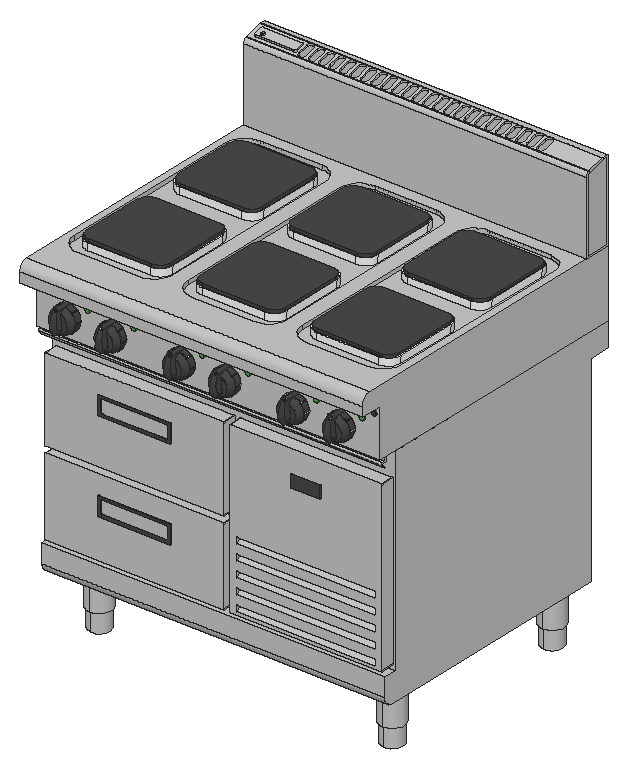
Revit family "QF_Moffat_RN8600SE-RB_Electric_Cooktops_Sealed_Hobs_cat", category Specialty Equipment, Revit 2019 (continued)
Definition of nested family "High and Low Option"
  Lines and regions (mm)
    symbolic lines, visible <- "High Back", not visible
      curve 197: spline (749.472, -50.251, 0) -> (749.131, -52.751, 0) -> (748.132, -55.081, 0) -> (746.543, -57.081, 0) -> (744.472, -58.616, 0) -> (742.06, -59.581, 0) -> (739.472, -59.91, 0) -> (736.884, -59.581, 0) -> (734.472, -58.616, 0) -> (732.401, -57.081, 0) -> (730.812, -55.081, 0) -> (729.813, -52.751, 0) -> (729.472, -50.251, 0)
      curve 198: line (756.752, -50.251, 0) -> (756.752, -25.991, 0)
      curve 199: spline (756.752, -25.991, 0) -> (757.093, -23.491, 0) -> (758.092, -21.162, 0) -> (759.681, -19.161, 0) -> (761.752, -17.626, 0) -> (764.164, -16.661, 0) -> (766.752, -16.332, 0) -> (769.341, -16.661, 0) -> (771.752, -17.626, 0) -> (773.823, -19.161, 0) -> (775.413, -21.162, 0) -> (776.412, -23.491, 0) -> (776.752, -25.991, 0)
      curve 200: line (776.752, -25.991, 0) -> (776.752, -50.251, 0)
      curve 201: spline (776.752, -50.251, 0) -> (776.412, -52.751, 0) -> (775.413, -55.081, 0) -> (773.823, -57.081, 0) -> (771.752, -58.616, 0) -> (769.341, -59.581, 0) -> (766.752, -59.91, 0) -> (764.164, -59.581, 0) -> (761.752, -58.616, 0) -> (759.681, -57.081, 0) -> (758.092, -55.081, 0) -> (757.093, -52.751, 0) -> (756.752, -50.251, 0)
  Dimensions and locks
    equal spacing: plane 3 "LEFT", plane 7 "Center Y", plane 4 "RIGHT"
    "Length": plane 3 "LEFT" to plane 4 "RIGHT"
    equal spacing: plane 5 "FRONT", plane 8 "Center X", plane 1 "BACK"
    "Depth": plane 5 "FRONT" to plane 1 "BACK"
    "Height": plane 6 "TOP" to level
    plane 4 "RIGHT" to plane 3 "LEFT" = 900 mm
    plane 1 "BACK" to plane 5 "FRONT" = 805 mm
    plane 9 to plane 10 = 769 mm
    plane 12 to plane 2 = 675 mm
    plane 6 "TOP" to level = 970 mm
    plane 13 to level = 1130 mm
    aligned and locked: level to plane 2
  Automatic sketch dimensions
    plane 1 "BACK" to curve 1 = 71.587 mm
    curve 1 to plane 6 "TOP" = 46.75 mm
    curve 1 to curve 1 = 23 mm
    Extrusion 5 sketch curve to Extrusion 5 sketch curve = 10 mm  (x24)
    Extrusion 5 sketch curve to Extrusion 5 sketch curve = 7.28 mm  (x23)
    Extrusion 5 sketch curve to Extrusion 5 sketch curve = 11.379 mm  (x2)
    Extrusion 5 sketch curve to Extrusion 5 sketch curve = 0 mm  (x33)
    Extrusion 5 sketch curve to Extrusion 5 sketch curve = 25.116 mm  (x13)
    Extrusion 5 sketch curve to Extrusion 5 sketch curve = 47.732 mm
    Extrusion 5 sketch curve to Extrusion 5 sketch curve = 129.307 mm
    Extrusion 5 sketch curve to Extrusion 5 sketch curve = 123.248 mm
    Extrusion 10 sketch curve to Extrusion 10 sketch curve = 10 mm  (x24)
    Extrusion 10 sketch curve to Extrusion 10 sketch curve = 7.28 mm  (x23)
    Extrusion 10 sketch curve to Extrusion 10 sketch curve = 11.379 mm  (x2)
    Extrusion 10 sketch curve to Extrusion 10 sketch curve = 0 mm  (x33)
    Extrusion 10 sketch curve to Extrusion 10 sketch curve = 25.116 mm  (x13)
    Extrusion 10 sketch curve to Extrusion 10 sketch curve = 47.732 mm
    Extrusion 10 sketch curve to Extrusion 10 sketch curve = 129.307 mm
    Extrusion 10 sketch curve to Extrusion 10 sketch curve = 123.248 mm
    curve 3 to curve 6 = 129.307 mm
    curve 6 to curve 8 = 20 mm
    curve 8 to curve 10 = 7.28 mm
    curve 10 to curve 12 = 20 mm
    curve 13 to curve 14 = 7.28 mm
    curve 14 to curve 16 = 20 mm
    curve 16 to curve 18 = 7.28 mm
    curve 18 to curve 20 = 20 mm
    curve 21 to curve 22 = 7.28 mm
    curve 22 to curve 24 = 20 mm
    curve 25 to curve 26 = 7.28 mm
    curve 26 to curve 28 = 20 mm
    curve 29 to curve 30 = 7.28 mm
    curve 30 to curve 32 = 20 mm
    curve 32 to curve 34 = 7.28 mm
    curve 34 to curve 36 = 20 mm
    curve 37 to curve 38 = 7.28 mm
    curve 41 to curve 40 = 20 mm
    curve 41 to curve 42 = 7.28 mm
    curve 45 to curve 44 = 20 mm
    curve 43 to curve 46 = 7.28 mm
    curve 46 to curve 48 = 20 mm
    curve 49 to curve 50 = 7.28 mm
    curve 50 to curve 52 = 20 mm
    curve 52 to curve 54 = 7.28 mm
    curve 54 to curve 56 = 20 mm
    curve 57 to curve 58 = 7.28 mm
    curve 58 to curve 60 = 20 mm
    curve 61 to curve 62 = 7.28 mm
    curve 62 to curve 64 = 20 mm
    curve 64 to curve 66 = 7.28 mm
    curve 66 to curve 68 = 20 mm
    curve 69 to curve 70 = 7.28 mm
    curve 70 to curve 72 = 20 mm
    curve 73 to curve 74 = 7.28 mm
    curve 74 to curve 76 = 20 mm
    curve 77 to curve 78 = 7.28 mm
    curve 78 to curve 80 = 20 mm
    curve 80 to curve 82 = 7.28 mm
    curve 82 to curve 84 = 20 mm
    curve 85 to curve 86 = 7.28 mm
    curve 87 to curve 88 = 20 mm
    curve 89 to curve 90 = 7.28 mm
    curve 90 to curve 92 = 20 mm
    curve 91 to curve 94 = 7.28 mm
    curve 94 to curve 96 = 20 mm
    curve 96 to curve 98 = 7.28 mm
    curve 98 to curve 100 = 20 mm
    curve 3 to curve 6 = 19.749 mm
    curve 9 to curve 10 = 0 mm
    curve 96 to curve 101 = 0 mm
    curve 13 to curve 14 = 0 mm
    curve 92 to curve 97 = 0 mm
    curve 16 to curve 18 = 0 mm
    curve 88 to curve 90 = 0 mm
    curve 21 to curve 22 = 0 mm
    curve 84 to curve 86 = 0 mm  (x2)
    curve 25 to curve 26 = 0 mm
    curve 80 to curve 85 = 0 mm
    curve 29 to curve 30 = 0 mm
    curve 76 to curve 81 = 0 mm
    curve 33 to curve 34 = 0 mm
    curve 72 to curve 74 = 0 mm  (x2)
    curve 37 to curve 38 = 0 mm
    curve 68 to curve 70 = 0 mm  (x2)
    curve 41 to curve 42 = 0 mm
    curve 64 to curve 69 = 0 mm
    curve 45 to curve 46 = 0 mm
    curve 60 to curve 65 = 0 mm
    curve 49 to curve 50 = 0 mm
    curve 56 to curve 58 = 0 mm  (x2)
    curve 56 to curve 56 = 24.26 mm
    curve 52 to curve 55 = 0 mm
    curve 48 to curve 51 = 0 mm
    curve 59 to curve 62 = 0 mm
    curve 44 to curve 47 = 0 mm
    curve 64 to curve 66 = 0 mm
    curve 40 to curve 43 = 0 mm
    curve 36 to curve 39 = 0 mm
    curve 32 to curve 35 = 0 mm
    curve 75 to curve 78 = 0 mm
    curve 28 to curve 31 = 0 mm
    curve 80 to curve 82 = 0 mm
    curve 24 to curve 27 = 0 mm
    curve 20 to curve 23 = 0 mm
    curve 87 to curve 90 = 0 mm
    curve 16 to curve 19 = 0 mm
    curve 91 to curve 94 = 0 mm
    curve 12 to curve 15 = 0 mm
    curve 96 to curve 98 = 0 mm
    curve 8 to curve 11 = 0 mm
    curve 3 to curve 3 = 70 mm
    curve 100 to curve 5 = 123.248 mm
    curve 4 to curve 100 = 19.749 mm
    curve 103 to curve 106 = 129.307 mm
    curve 106 to curve 108 = 20 mm
    curve 108 to curve 110 = 7.28 mm
    curve 110 to curve 112 = 20 mm
    curve 113 to curve 114 = 7.28 mm
    curve 114 to curve 116 = 20 mm
    curve 116 to curve 118 = 7.28 mm
    curve 118 to curve 120 = 20 mm
    curve 121 to curve 122 = 7.28 mm
    curve 122 to curve 124 = 20 mm
    curve 125 to curve 126 = 7.28 mm
    curve 126 to curve 128 = 20 mm
    curve 129 to curve 130 = 7.28 mm
    curve 130 to curve 132 = 20 mm
    curve 132 to curve 134 = 7.28 mm
    curve 134 to curve 136 = 20 mm
    curve 137 to curve 138 = 7.28 mm
    curve 141 to curve 140 = 20 mm
    curve 141 to curve 142 = 7.28 mm
    curve 145 to curve 144 = 20 mm
    curve 143 to curve 146 = 7.28 mm
    curve 146 to curve 148 = 20 mm
    curve 149 to curve 150 = 7.28 mm
    curve 150 to curve 152 = 20 mm
    curve 152 to curve 154 = 7.28 mm
    curve 154 to curve 156 = 20 mm
    curve 157 to curve 158 = 7.28 mm
    curve 158 to curve 160 = 20 mm
    curve 161 to curve 162 = 7.28 mm
    curve 162 to curve 164 = 20 mm
    curve 164 to curve 166 = 7.28 mm
    curve 166 to curve 168 = 20 mm
    curve 169 to curve 170 = 7.28 mm
    curve 170 to curve 172 = 20 mm
    curve 173 to curve 174 = 7.28 mm
    curve 174 to curve 176 = 20 mm
    curve 177 to curve 178 = 7.28 mm
    curve 178 to curve 180 = 20 mm
    curve 180 to curve 182 = 7.28 mm
    curve 182 to curve 184 = 20 mm
    curve 185 to curve 186 = 7.28 mm
    curve 187 to curve 188 = 20 mm
    curve 189 to curve 190 = 7.28 mm
    curve 190 to curve 192 = 20 mm
    curve 191 to curve 194 = 7.28 mm
    curve 194 to curve 196 = 20 mm
    curve 196 to curve 198 = 7.28 mm
    curve 198 to curve 200 = 20 mm
    curve 103 to curve 106 = 19.749 mm
    curve 109 to curve 110 = 0 mm
    curve 196 to curve 201 = 0 mm
    curve 113 to curve 114 = 0 mm
    curve 192 to curve 197 = 0 mm
    curve 116 to curve 118 = 0 mm
    curve 188 to curve 190 = 0 mm
    curve 121 to curve 122 = 0 mm
    curve 184 to curve 186 = 0 mm  (x2)
    curve 125 to curve 126 = 0 mm
    curve 180 to curve 185 = 0 mm
    curve 129 to curve 130 = 0 mm
    curve 176 to curve 181 = 0 mm
    curve 133 to curve 134 = 0 mm
    curve 172 to curve 174 = 0 mm  (x2)
    curve 137 to curve 138 = 0 mm
    curve 168 to curve 170 = 0 mm  (x2)
    curve 141 to curve 142 = 0 mm
    curve 164 to curve 169 = 0 mm
    curve 145 to curve 146 = 0 mm
    curve 160 to curve 165 = 0 mm
    curve 149 to curve 150 = 0 mm
    curve 156 to curve 158 = 0 mm  (x2)
    curve 156 to curve 156 = 24.26 mm
    curve 152 to curve 155 = 0 mm
    curve 148 to curve 151 = 0 mm
    curve 159 to curve 162 = 0 mm
    curve 144 to curve 147 = 0 mm
    curve 164 to curve 166 = 0 mm
    curve 140 to curve 143 = 0 mm
    curve 136 to curve 139 = 0 mm
    curve 132 to curve 135 = 0 mm
    curve 175 to curve 178 = 0 mm
    curve 128 to curve 131 = 0 mm
    curve 180 to curve 182 = 0 mm
    curve 124 to curve 127 = 0 mm
    curve 120 to curve 123 = 0 mm
    curve 187 to curve 190 = 0 mm
    curve 116 to curve 119 = 0 mm
    curve 191 to curve 194 = 0 mm
    curve 112 to curve 115 = 0 mm
    curve 196 to curve 198 = 0 mm
    curve 108 to curve 111 = 0 mm
    curve 103 to curve 103 = 70 mm
    curve 200 to curve 105 = 123.248 mm
    curve 104 to curve 200 = 19.749 mm
    curve 203 to curve 204 = 900 mm
    curve 203 to curve 203 = 70 mm
    curve 207 to curve 208 = 900 mm
    curve 207 to curve 207 = 70 mm
    Extrusion 1 sketch curve to Extrusion 1 sketch curve = 15 mm
    Extrusion 1 sketch curve to Extrusion 1 sketch curve = 55 mm  (x2)
    Extrusion 1 sketch curve to Extrusion 1 sketch curve = 40 mm
    Extrusion 6 sketch curve to Extrusion 6 sketch curve = 15 mm
    Extrusion 6 sketch curve to Extrusion 6 sketch curve = 55 mm  (x2)
    Extrusion 6 sketch curve to Extrusion 6 sketch curve = 40 mm
    Extrusion 2 sketch curve to Extrusion 2 sketch curve = 0 mm  (x4)
    Extrusion 2 sketch curve to Extrusion 2 sketch curve = 3.2 mm  (x3)
    Extrusion 2 sketch curve to Extrusion 2 sketch curve = 5.694 mm
    Extrusion 2 sketch curve to Extrusion 2 sketch curve = 0.828 mm  (x2)
    Extrusion 2 sketch curve to Extrusion 2 sketch curve = 8.8 mm
    Extrusion 2 sketch curve to Extrusion 2 sketch curve = 46.106 mm
    Extrusion 2 sketch curve to Extrusion 2 sketch curve = 63.6 mm
    Extrusion 2 sketch curve to Extrusion 2 sketch curve = 187.855 mm
    Extrusion 2 sketch curve to Extrusion 2 sketch curve = 12.354 mm
    Extrusion 2 sketch curve to Extrusion 2 sketch curve = 3.091 mm
    Extrusion 4 sketch curve to Extrusion 4 sketch curve = 8.8 mm
    Extrusion 4 sketch curve to Extrusion 4 sketch curve = 63.6 mm
    Extrusion 4 sketch curve to Extrusion 4 sketch curve = 20.854 mm
    Extrusion 4 sketch curve to Extrusion 4 sketch curve = 187.855 mm
    Extrusion 4 sketch curve to Extrusion 4 sketch curve = 2.278 mm
    Extrusion 4 sketch curve to Extrusion 4 sketch curve = 10.972 mm
    Extrusion 3 sketch curve to Extrusion 3 sketch curve = 8.8 mm
    Extrusion 3 sketch curve to Extrusion 3 sketch curve = 63.6 mm
    Extrusion 3 sketch curve to Extrusion 3 sketch curve = 187.855 mm
    Extrusion 3 sketch curve to Extrusion 3 sketch curve = 10.972 mm
    Extrusion 3 sketch curve to Extrusion 3 sketch curve = 20.854 mm
    Extrusion 3 sketch curve to Extrusion 3 sketch curve = 2.278 mm
    Extrusion 7 sketch curve to Extrusion 7 sketch curve = 0 mm  (x4)
    Extrusion 7 sketch curve to Extrusion 7 sketch curve = 3.2 mm  (x3)
    Extrusion 7 sketch curve to Extrusion 7 sketch curve = 5.694 mm
    Extrusion 7 sketch curve to Extrusion 7 sketch curve = 0.828 mm  (x2)
    Extrusion 7 sketch curve to Extrusion 7 sketch curve = 8.8 mm
    Extrusion 7 sketch curve to Extrusion 7 sketch curve = 46.106 mm
    Extrusion 7 sketch curve to Extrusion 7 sketch curve = 63.6 mm
    Extrusion 7 sketch curve to Extrusion 7 sketch curve = 187.855 mm
    Extrusion 7 sketch curve to Extrusion 7 sketch curve = 12.354 mm
    Extrusion 7 sketch curve to Extrusion 7 sketch curve = 3.091 mm
    Extrusion 9 sketch curve to Extrusion 9 sketch curve = 8.8 mm
    Extrusion 9 sketch curve to Extrusion 9 sketch curve = 63.6 mm
    Extrusion 9 sketch curve to Extrusion 9 sketch curve = 20.854 mm
    Extrusion 9 sketch curve to Extrusion 9 sketch curve = 187.855 mm
    Extrusion 9 sketch curve to Extrusion 9 sketch curve = 2.278 mm
    Extrusion 9 sketch curve to Extrusion 9 sketch curve = 10.972 mm
    Extrusion 8 sketch curve to Extrusion 8 sketch curve = 8.8 mm
    Extrusion 8 sketch curve to Extrusion 8 sketch curve = 63.6 mm
    Extrusion 8 sketch curve to Extrusion 8 sketch curve = 187.855 mm
    Extrusion 8 sketch curve to Extrusion 8 sketch curve = 10.972 mm
    Extrusion 8 sketch curve to Extrusion 8 sketch curve = 20.854 mm
    Extrusion 8 sketch curve to Extrusion 8 sketch curve = 2.278 mm
  Nested families
    nested 1: "QF_LOGO_Waldorf" at (32, -70, 923.25), visible <- "Show Logo 1", type "QF_LOGO_Waldorf"
    nested 2: "QF_LOGO_Waldorf1" at (12.5, -38.053, 1110.468), visible <- "Show Logo 2", type "QF_LOGO_Waldorf1"
    nested 3: "QF_LOGO_Waldorf" at (32, -70, 923.25), visible <- "Show Logo 1", type "QF_LOGO_Waldorf", not visible
    nested 4: "QF_LOGO_Waldorf1" at (12.5, -38.053, 1110.468), visible <- "Show Logo 2", type "QF_LOGO_Waldorf1", not visible
  Definition of nested family "QF_LOGO_Waldorf"
    Parameters (values of type "QF_LOGO_Waldorf")
      Weight in Pounds = 0
      URL Cutsheet = ""
      Specification by User = ""
      Specification by Manufacturer = ""
      Serial Number = ""
      Seismic Rating = ""
      SMACNA No = ""
      Revision Code = ""
      NAFEM Spec ID Number = ""
      Masterspec = ""
      Length = 138 mm
      Item Number = ""
      Installed By = ""
      Identify Quantity as Lot = yes
      Height = 26.711 mm
      Furnished By = ""
      Foodservice Equipment Identifier = yes
      Depth = 3.175 mm
      CSI MasterFormat = ""
    Reference planes
      plane 1 "BACK": y = 0
      plane 2: z = 0
      plane 3 "LEFT": x = 0
      plane 4 "RIGHT": x = 138
      plane 5 "FRONT": y = -3.175
      plane 6 "TOP": z = 26.711
      plane 7 "Center Y": x = 69
      plane 8 "Center X": y = -1.587
    Forms (mm)
      Extrusion 1, solid
        sketch origin (0, 0, 0) x (1, 0, 0) y (0, 0, 1)
          loop
            line (109, 3.464) -> (109, 23.247)
            spline (109, 23.247) -> (108.966, 23.699) -> (108.864, 24.143) -> (108.696, 24.572) -> (108.464, 24.979) -> (108.173, 25.355) -> (107.828, 25.696) -> (107.435, 25.995) -> (107, 26.247) -> (106.531, 26.447) -> (106.035, 26.593) -> (105.522, 26.681) -> (105, 26.711)
            line (105, 26.711) -> (4, 26.711)
            spline (4, 26.711) -> (3.478, 26.681) -> (2.965, 26.593) -> (2.469, 26.447) -> (2, 26.247) -> (1.565, 25.995) -> (1.172, 25.696) -> (0.827, 25.355) -> (0.536, 24.979) -> (0.304, 24.572) -> (0.136, 24.143) -> (0.034, 23.699) -> (0, 23.247)
            line (0, 23.247) -> (0, 3.464)
            spline (0, 3.464) -> (0.034, 3.012) -> (0.136, 2.568) -> (0.304, 2.138) -> (0.536, 1.732) -> (0.827, 1.355) -> (1.172, 1.015) -> (1.565, 0.716) -> (2, 0.464) -> (2.469, 0.264) -> (2.965, 0.118) -> (3.478, 0.03) -> (4, 0)
            line (4, 0) -> (105, 0)
            spline (105, 0) -> (105.522, 0.03) -> (106.035, 0.118) -> (106.531, 0.264) -> (107, 0.464) -> (107.435, 0.716) -> (107.828, 1.015) -> (108.173, 1.355) -> (108.464, 1.732) -> (108.696, 2.138) -> (108.864, 2.568) -> (108.966, 3.012) -> (109, 3.464)
          loop
            line (14.75, 7.005) -> (14.75, 15.654)
            arc (14.75, 15.654) -> (10.425, 11.329) -> (14.75, 7.005) r 4.325
          loop
            line (15.25, 15.654) -> (15.25, 7.005)
            arc (15.25, 7.005) -> (19.575, 11.329) -> (15.25, 15.654) r 4.325
        from 0 to 3.2
      Extrusion 2, solid
        sketch origin (0, 0, 0) x (1, 0, 0) y (0, 0, 1)
          loop
            line (15.25, 15.654) -> (15.25, 7.005)
            arc (15.25, 7.005) -> (19.575, 11.329) -> (15.25, 15.654) r 4.325
        from 0 to 3.2
      Extrusion 3, solid
        sketch origin (16.271, 0, 0) x (-1, 0, 0) y (0, 0, -1)
          loop
            arc (1.521, -15.654) -> (5.846, -11.329) -> (1.521, -7.005) r 4.325
            line (1.521, -7.005) -> (1.521, -15.654)
        from 0 to 3.2
    Lines and regions (mm)
      Split face 1
        outline origin (0, -3.2, 0) x (1, 0, 0) y (0, 0, 1)
          loop
            spline (22.129, 16.975) -> (22.389, 15.984) -> (22.649, 15.002) -> (22.91, 14.028) -> (23.172, 13.065) -> (23.433, 12.11) -> (23.695, 11.166) -> (23.956, 10.232) -> (24.218, 9.308) -> (24.479, 8.396) -> (24.74, 7.495) -> (25, 6.605) -> (25.26, 5.728)
            line (25.26, 5.728) -> (29.463, 5.728)
            spline (29.463, 5.728) -> (29.582, 6.252) -> (29.701, 6.78) -> (29.82, 7.313) -> (29.939, 7.85) -> (30.058, 8.391) -> (30.178, 8.936) -> (30.297, 9.485) -> (30.416, 10.038) -> (30.536, 10.594) -> (30.655, 11.155) -> (30.775, 11.719) -> (30.894, 12.287)
            spline (30.894, 12.287) -> (31.018, 11.719) -> (31.142, 11.155) -> (31.266, 10.594) -> (31.39, 10.038) -> (31.514, 9.485) -> (31.638, 8.936) -> (31.762, 8.391) -> (31.885, 7.85) -> (32.009, 7.313) -> (32.133, 6.78) -> (32.256, 6.252) -> (32.379, 5.728)
            line (32.379, 5.728) -> (36.51, 5.728)
            spline (36.51, 5.728) -> (36.766, 6.605) -> (37.023, 7.495) -> (37.28, 8.396) -> (37.538, 9.308) -> (37.795, 10.232) -> (38.053, 11.166) -> (38.311, 12.11) -> (38.569, 13.065) -> (38.826, 14.028) -> (39.083, 15.002) -> (39.34, 15.984) -> (39.597, 16.975)
            line (39.597, 16.975) -> (35.637, 16.975)
            spline (35.637, 16.975) -> (35.523, 16.334) -> (35.41, 15.697) -> (35.296, 15.063) -> (35.182, 14.433) -> (35.068, 13.807) -> (34.954, 13.185) -> (34.84, 12.566) -> (34.726, 11.952) -> (34.612, 11.342) -> (34.497, 10.737) -> (34.383, 10.135) -> (34.269, 9.538)
            spline (34.269, 9.538) -> (34.138, 10.135) -> (34.008, 10.737) -> (33.877, 11.342) -> (33.746, 11.952) -> (33.616, 12.566) -> (33.485, 13.185) -> (33.354, 13.807) -> (33.224, 14.433) -> (33.093, 15.063) -> (32.963, 15.697) -> (32.833, 16.334) -> (32.703, 16.975)
            line (32.703, 16.975) -> (29.247, 16.975)
            spline (29.247, 16.975) -> (29.111, 16.334) -> (28.974, 15.697) -> (28.837, 15.063) -> (28.7, 14.433) -> (28.562, 13.807) -> (28.425, 13.185) -> (28.288, 12.566) -> (28.15, 11.952) -> (28.013, 11.342) -> (27.875, 10.737) -> (27.738, 10.135) -> (27.6, 9.538)
            spline (27.6, 9.538) -> (27.483, 10.135) -> (27.366, 10.737) -> (27.249, 11.342) -> (27.132, 11.952) -> (27.015, 12.566) -> (26.897, 13.185) -> (26.78, 13.807) -> (26.663, 14.433) -> (26.546, 15.063) -> (26.43, 15.697) -> (26.313, 16.334) -> (26.196, 16.975)
            line (26.196, 16.975) -> (22.129, 16.975)
      Split face 2
        outline origin (0, -3.2, 0) x (1, 0, 0) y (0, 0, 1)
          loop
            line (51.449, 5.728) -> (51.035, 6.606) -> (51.035, 11.169)
            spline (51.035, 11.169) -> (50.686, 12.42) -> (50.176, 13.224) -> (49.51, 13.708) -> (48.693, 13.995) -> (47.747, 14.152) -> (46.698, 14.207) -> (45.579, 14.186) -> (44.419, 14.114) -> (43.279, 13.929) -> (42.249, 13.481) -> (41.424, 12.614) -> (40.897, 11.169)
            line (40.897, 11.169) -> (44.617, 11.169) -> (44.988, 11.965)
            spline (44.988, 11.965) -> (47.294, 11.682) -> (46.856, 10.932) -> (45.527, 10.609) -> (43.858, 10.439) -> (42.259, 10.123) -> (41.078, 9.417) -> (40.563, 8.246) -> (40.689, 6.989) -> (41.407, 6.052) -> (42.774, 5.536) -> (44.847, 5.497) -> (47.306, 6.602)
            line (47.306, 6.602) -> (47.624, 5.728) -> (51.449, 5.728)
      Split face 3
        outline origin (0, -3.2, 0) x (1, 0, 0) y (0, 0, 1)
          loop
            line (47.264, 9.264) -> (44.938, 8.597)
            spline (44.938, 8.597) -> (44.508, 8.228) -> (44.402, 7.9) -> (44.548, 7.626) -> (44.877, 7.42) -> (45.317, 7.295) -> (45.797, 7.265) -> (46.252, 7.342) -> (46.65, 7.525) -> (46.971, 7.813) -> (47.194, 8.201) -> (47.298, 8.685) -> (47.264, 9.264)
      Split face 4
        outline origin (0, -3.2, 0) x (1, 0, 0) y (0, 0, 1)
          loop
            line (53.33, 16.975) -> (53.33, 5.728) -> (57.173, 5.728) -> (57.173, 16.975) -> (53.33, 16.975)
      Split face 5
        outline origin (0, -3.2, 0) x (1, 0, 0) y (0, 0, 1)
          loop
            line (65.795, 16.975) -> (65.795, 12.976)
            spline (65.795, 12.976) -> (63.839, 14.082) -> (62.087, 14.096) -> (60.633, 13.343) -> (59.574, 12.148) -> (58.99, 10.806) -> (58.867, 9.452) -> (59.156, 8.159) -> (59.81, 7) -> (60.786, 6.056) -> (62.111, 5.514) -> (63.868, 5.634) -> (66.137, 6.679)
            line (66.137, 6.679) -> (66.137, 5.728) -> (69.511, 5.728) -> (69.511, 16.975) -> (65.795, 16.975)
      Split face 6
        outline origin (0, -3.2, 0) x (1, 0, 0) y (0, 0, 1)
          loop
            spline (64.273, 7.499) -> (64.754, 7.57) -> (65.202, 7.777) -> (65.587, 8.106) -> (65.882, 8.535) -> (66.067, 9.034) -> (66.131, 9.57) -> (66.067, 10.106) -> (65.882, 10.605) -> (65.587, 11.034) -> (65.202, 11.363) -> (64.754, 11.57) -> (64.273, 11.64)
            spline (64.273, 11.64) -> (63.793, 11.57) -> (63.345, 11.363) -> (62.96, 11.034) -> (62.665, 10.605) -> (62.479, 10.106) -> (62.416, 9.57) -> (62.479, 9.034) -> (62.665, 8.535) -> (62.96, 8.106) -> (63.345, 7.777) -> (63.793, 7.57) -> (64.273, 7.499)
      Split face 7
        outline origin (0, -3.2, 0) x (1, 0, 0) y (0, 0, 1)
          loop
            spline (76.449, 5.305) -> (77.855, 5.457) -> (79.166, 5.901) -> (80.291, 6.607) -> (81.155, 7.527) -> (81.698, 8.599) -> (81.883, 9.749) -> (81.698, 10.899) -> (81.155, 11.97) -> (80.291, 12.891) -> (79.166, 13.597) -> (77.855, 14.041) -> (76.449, 14.192)
            spline (76.449, 14.192) -> (75.042, 14.041) -> (73.731, 13.597) -> (72.606, 12.891) -> (71.742, 11.97) -> (71.199, 10.899) -> (71.014, 9.749) -> (71.199, 8.599) -> (71.742, 7.527) -> (72.606, 6.607) -> (73.731, 5.901) -> (75.042, 5.457) -> (76.449, 5.305)
      Split face 8
        outline origin (0, -3.2, 0) x (1, 0, 0) y (0, 0, 1)
          loop
            spline (76.449, 7.654) -> (76.841, 7.725) -> (77.206, 7.934) -> (77.52, 8.267) -> (77.76, 8.701) -> (77.912, 9.206) -> (77.963, 9.749) -> (77.912, 10.291) -> (77.76, 10.796) -> (77.52, 11.23) -> (77.206, 11.563) -> (76.841, 11.772) -> (76.449, 11.843)
            spline (76.449, 11.843) -> (76.057, 11.772) -> (75.691, 11.563) -> (75.378, 11.23) -> (75.137, 10.796) -> (74.986, 10.291) -> (74.934, 9.749) -> (74.986, 9.206) -> (75.137, 8.701) -> (75.378, 8.267) -> (75.691, 7.934) -> (76.057, 7.725) -> (76.449, 7.654)
      Split face 9
        outline origin (0, -3.2, 0) x (1, 0, 0) y (0, 0, 1)
          loop
            line (86.998, 12.335) -> (86.998, 13.879) -> (83.479, 13.879) -> (83.479, 5.728) -> (87.312, 5.728) -> (87.312, 8.975)
            spline (87.312, 8.975) -> (87.364, 9.356) -> (87.458, 9.686) -> (87.594, 9.968) -> (87.769, 10.204) -> (87.982, 10.398) -> (88.229, 10.55) -> (88.509, 10.666) -> (88.82, 10.746) -> (89.16, 10.794) -> (89.525, 10.812) -> (89.915, 10.803) -> (90.327, 10.77)
            line (90.327, 10.77) -> (90.327, 14.113)
            spline (90.327, 14.113) -> (89.929, 14.127) -> (89.552, 14.111) -> (89.197, 14.066) -> (88.865, 13.991) -> (88.554, 13.887) -> (88.266, 13.754) -> (87.999, 13.591) -> (87.755, 13.399) -> (87.532, 13.177) -> (87.332, 12.926) -> (87.154, 12.645) -> (86.998, 12.335)
      Split face 10
        outline origin (0, -3.2, 0) x (1, 0, 0) y (0, 0, 1)
          loop
            line (92.082, 13.879) -> (90.894, 13.879) -> (90.894, 11.972) -> (92.082, 11.972) -> (92.082, 5.728) -> (95.871, 5.728) -> (95.871, 11.972) -> (97.5, 11.972) -> (97.5, 13.879) -> (95.871, 13.879)
            spline (95.871, 13.879) -> (95.843, 14.088) -> (95.845, 14.278) -> (95.877, 14.447) -> (95.939, 14.596) -> (96.03, 14.726) -> (96.151, 14.835) -> (96.301, 14.925) -> (96.482, 14.995) -> (96.692, 15.045) -> (96.931, 15.075) -> (97.201, 15.085) -> (97.5, 15.076)
            line (97.5, 15.076) -> (97.5, 17.266) -> (95.367, 17.266)
            spline (95.367, 17.266) -> (94.982, 17.253) -> (94.58, 17.21) -> (94.174, 17.132) -> (93.774, 17.013) -> (93.39, 16.846) -> (93.034, 16.627) -> (92.717, 16.349) -> (92.448, 16.007) -> (92.24, 15.595) -> (92.102, 15.106) -> (92.046, 14.537) -> (92.082, 13.879)
    Dimensions and locks
      equal spacing: plane 3 "LEFT", plane 7 "Center Y", plane 4 "RIGHT"
      "Length": plane 3 "LEFT" to plane 4 "RIGHT"
      equal spacing: plane 5 "FRONT", plane 8 "Center X", plane 1 "BACK"
      "Depth": plane 5 "FRONT" to plane 1 "BACK"
      "Height": plane 6 "TOP" to level
      plane 4 "RIGHT" to plane 3 "LEFT" = 138 mm
      aligned and locked: level to plane 2
    Automatic sketch dimensions
      Extrusion 1 sketch curve to plane 3 "LEFT" = 0 mm
      Extrusion 1 sketch curve to plane 6 "TOP" = 0 mm
      Extrusion 1 sketch curve to level = 0 mm
      plane 3 "LEFT" to Extrusion 1 sketch curve = 4 mm  (x2)
      Extrusion 1 sketch curve to Extrusion 1 sketch curve = 10.75 mm
      Extrusion 1 sketch curve to Extrusion 1 sketch curve = 0.5 mm
      plane 4 "RIGHT" to Extrusion 1 sketch curve = 33 mm
      Extrusion 1 sketch curve to Extrusion 1 sketch curve = 0 mm  (x3)
      Extrusion 1 sketch curve to Extrusion 1 sketch curve = 4 mm
      level to Extrusion 1 sketch curve = 3.464 mm  (x2)
      level to Extrusion 1 sketch curve = 7.005 mm
      Extrusion 1 sketch curve to Extrusion 1 sketch curve = 4.325 mm
      Extrusion 1 sketch curve to plane 6 "TOP" = 3.464 mm  (x2)
      Extrusion 2 sketch curve to Extrusion 2 sketch curve = 4.325 mm
      level to Extrusion 2 sketch curve = 7.005 mm
      plane 3 "LEFT" to Extrusion 2 sketch curve = 15.25 mm
      Extrusion 3 sketch curve to Extrusion 3 sketch curve = 4.325 mm
      Extrusion 3 sketch curve to level = 7.005 mm
      Extrusion 3 sketch curve to plane 3 "LEFT" = 14.75 mm
      Extrusion 1 to Split face 1 sketch curve = 6.879 mm
      Split face 1 sketch curve to Extrusion 1 = 5.728 mm
      Split face 1 sketch curve to Split face 1 sketch curve = 3.132 mm
      Split face 1 sketch curve to Split face 1 sketch curve = 4.068 mm
      Split face 1 sketch curve to Split face 1 sketch curve = 3.051 mm
      Split face 1 sketch curve to Split face 1 sketch curve = 4.203 mm
      Split face 1 sketch curve to Split face 1 sketch curve = 2.916 mm
      Split face 1 sketch curve to Split face 1 sketch curve = 3.456 mm
      Split face 1 sketch curve to Split face 1 sketch curve = 2.934 mm
      Split face 1 sketch curve to Split face 1 sketch curve = 4.131 mm
      Split face 1 sketch curve to Split face 1 sketch curve = 3.96 mm
      Split face 1 sketch curve to Split face 1 sketch curve = 0 mm  (x2)
      Split face 1 sketch curve to Extrusion 1 = 9.736 mm  (x2)
      Extrusion 1 to Split face 1 sketch curve = 6.337 mm
      Extrusion 1 to Split face 1 sketch curve = 6.231 mm
      Extrusion 1 to Split face 1 sketch curve = 3.184 mm
      Extrusion 1 to Split face 1 sketch curve = 13.135 mm
      Split face 1 sketch curve to Split face 1 sketch curve = 4.652 mm
      Split face 1 sketch curve to Split face 1 sketch curve = 3.593 mm
      Split face 1 sketch curve to Split face 1 sketch curve = 1.863 mm
      Split face 1 sketch curve to Split face 1 sketch curve = 0.713 mm
      Split face 1 sketch curve to Split face 1 sketch curve = 2.684 mm
      Split face 1 sketch curve to Split face 1 sketch curve = 3.294 mm
      Split face 1 sketch curve to Split face 1 sketch curve = 0.459 mm
      Split face 1 sketch curve to Split face 1 sketch curve = 2.775 mm
      Split face 1 sketch curve to Split face 1 sketch curve = 1.89 mm
      Split face 1 sketch curve to Split face 1 sketch curve = 0.685 mm
      Split face 1 sketch curve to Split face 1 sketch curve = 9.486 mm
      Split face 1 sketch curve to Split face 1 sketch curve = 16.213 mm
      Split face 1 sketch curve to Split face 1 sketch curve = 3.48 mm
      Split face 1 sketch curve to Split face 1 sketch curve = 4.918 mm
      Split face 1 sketch curve to Split face 1 sketch curve = 7.609 mm
      Split face 1 sketch curve to Split face 1 sketch curve = 0.01 mm  (x2)
      Split face 1 sketch curve to Split face 1 sketch curve = 0.002 mm
      Split face 2 sketch curve to Extrusion 1 = 11.169 mm
      Extrusion 1 to Split face 2 sketch curve = 25.647 mm
      Split face 2 sketch curve to Split face 2 sketch curve = 3.72 mm
      Split face 2 sketch curve to Extrusion 1 = 11.965 mm
      Split face 2 sketch curve to Split face 2 sketch curve = 0.371 mm
      Split face 2 sketch curve to Extrusion 1 = 6.602 mm
      Split face 2 sketch curve to Split face 2 sketch curve = 2.689 mm
      Split face 2 sketch curve to Split face 2 sketch curve = 0.318 mm
      Split face 2 sketch curve to Split face 2 sketch curve = 3.729 mm
      Split face 2 sketch curve to Split face 2 sketch curve = 0.414 mm
      Split face 2 sketch curve to Split face 2 sketch curve = 0.875 mm
      Split face 2 sketch curve to Split face 2 sketch curve = 0.878 mm
      Split face 3 sketch curve to Extrusion 1 = 8.597 mm
      Extrusion 1 to Split face 3 sketch curve = 29.688 mm
      Split face 3 sketch curve to Extrusion 1 = 9.264 mm
      Split face 3 sketch curve to Split face 3 sketch curve = 2.326 mm
      Split face 4 sketch curve to Extrusion 1 = 5.728 mm
      Extrusion 1 to Split face 4 sketch curve = 38.08 mm
      Split face 4 sketch curve to Split face 4 sketch curve = 3.843 mm
      Split face 4 sketch curve to Extrusion 1 = 9.736 mm
      Split face 5 sketch curve to Extrusion 1 = 12.976 mm
      Split face 5 sketch curve to Extrusion 1 = 43.205 mm
      Split face 5 sketch curve to Extrusion 1 = 6.679 mm
      Split face 5 sketch curve to Split face 5 sketch curve = 0.342 mm
      Split face 5 sketch curve to Split face 5 sketch curve = 3.375 mm
      Split face 5 sketch curve to Split face 5 sketch curve = 0.952 mm
      Split face 5 sketch curve to Split face 5 sketch curve = 3.998 mm
      Split face 6 sketch curve to Extrusion 1 = 7.499 mm
      Split face 6 sketch curve to Extrusion 1 = 44.727 mm
      Split face 6 sketch curve to Split face 6 sketch curve = 2.07 mm
      Split face 7 sketch curve to Extrusion 1 = 5.305 mm
      Split face 7 sketch curve to Extrusion 1 = 32.551 mm
      Split face 7 sketch curve to Split face 7 sketch curve = 4.443 mm
      Split face 8 sketch curve to Split face 8 sketch curve = 2.095 mm
      Split face 8 sketch curve to Extrusion 1 = 7.654 mm
      Split face 8 sketch curve to Extrusion 1 = 32.551 mm
      Split face 9 sketch curve to Extrusion 1 = 5.728 mm
      Split face 9 sketch curve to Extrusion 1 = 25.521 mm
      Split face 9 sketch curve to Split face 9 sketch curve = 3.519 mm
      Split face 9 sketch curve to Split face 9 sketch curve = 0.315 mm
      Split face 9 sketch curve to Split face 9 sketch curve = 3.33 mm
      Split face 9 sketch curve to Split face 9 sketch curve = 3.248 mm
      Split face 9 sketch curve to Split face 9 sketch curve = 1.795 mm
      Split face 9 sketch curve to Split face 9 sketch curve = 3.36 mm
      Split face 9 sketch curve to Split face 9 sketch curve = 1.545 mm
      Split face 9 sketch curve to Split face 9 sketch curve = 0.233 mm
      Split face 10 sketch curve to Extrusion 1 = 18.106 mm
      Split face 10 sketch curve to Split face 10 sketch curve = 1.188 mm  (x2)
      Split face 10 sketch curve to Split face 10 sketch curve = 3.285 mm
      Split face 10 sketch curve to Split face 10 sketch curve = 3.789 mm
      Split face 10 sketch curve to Split face 10 sketch curve = 0 mm  (x2)
      Split face 10 sketch curve to Split face 10 sketch curve = 1.629 mm
      Split face 10 sketch curve to Split face 10 sketch curve = 2.133 mm
      Split face 10 sketch curve to Extrusion 1 = 5.728 mm
      Split face 10 sketch curve to Split face 10 sketch curve = 6.245 mm
      Split face 10 sketch curve to Split face 10 sketch curve = 1.907 mm  (x2)
      Split face 10 sketch curve to Split face 10 sketch curve = 1.197 mm
      Split face 10 sketch curve to Split face 10 sketch curve = 2.19 mm
  Definition of nested family "QF_LOGO_Waldorf1"
    Parameters (values of type "QF_LOGO_Waldorf1")
      Weight in Pounds = 0
      URL Cutsheet = ""
      Specification by User = ""
      Specification by Manufacturer = ""
      Serial Number = ""
      Seismic Rating = ""
      SMACNA No = ""
      Revision Code = ""
      NAFEM Spec ID Number = ""
      Masterspec = ""
      Length = 138 mm
      Item Number = ""
      Installed By = ""
      Identify Quantity as Lot = yes
      Height = 26.711 mm
      Furnished By = ""
      Foodservice Equipment Identifier = yes
      Depth = 3.175 mm
      CSI MasterFormat = ""
    Reference planes
      plane 1 "BACK": y = 0
      plane 2: z = 0
      plane 3 "LEFT": x = 0
      plane 4 "RIGHT": x = 138
      plane 5 "FRONT": y = -3.175
      plane 6 "TOP": z = 26.711
      plane 7 "Center Y": x = 69
      plane 8 "Center X": y = -1.587
    Forms (mm)
      Extrusion 1, solid
        sketch origin (0, -12.9, 9.899) x (1, 0, 0) y (0, 0.965926, 0.258819)
          loop
            line (109, 3.464) -> (109, 23.247)
            spline (109, 23.247) -> (108.966, 23.699) -> (108.864, 24.143) -> (108.696, 24.572) -> (108.464, 24.979) -> (108.173, 25.355) -> (107.828, 25.696) -> (107.435, 25.995) -> (107, 26.247) -> (106.531, 26.447) -> (106.035, 26.593) -> (105.522, 26.681) -> (105, 26.711)
            line (105, 26.711) -> (4, 26.711)
            spline (4, 26.711) -> (3.478, 26.681) -> (2.965, 26.593) -> (2.469, 26.447) -> (2, 26.247) -> (1.565, 25.995) -> (1.172, 25.696) -> (0.827, 25.355) -> (0.536, 24.979) -> (0.304, 24.572) -> (0.136, 24.143) -> (0.034, 23.699) -> (0, 23.247)
            line (0, 23.247) -> (0, 3.464)
            spline (0, 3.464) -> (0.034, 3.012) -> (0.136, 2.568) -> (0.304, 2.138) -> (0.536, 1.732) -> (0.827, 1.355) -> (1.172, 1.015) -> (1.565, 0.716) -> (2, 0.464) -> (2.469, 0.264) -> (2.965, 0.118) -> (3.478, 0.03) -> (4, 0)
            line (4, 0) -> (105, 0)
            spline (105, 0) -> (105.522, 0.03) -> (106.035, 0.118) -> (106.531, 0.264) -> (107, 0.464) -> (107.435, 0.716) -> (107.828, 1.015) -> (108.173, 1.355) -> (108.464, 1.732) -> (108.696, 2.138) -> (108.864, 2.568) -> (108.966, 3.012) -> (109, 3.464)
          loop
            line (14.75, 7.005) -> (14.75, 15.654)
            arc (14.75, 15.654) -> (10.425, 11.329) -> (14.75, 7.005) r 4.325
          loop
            line (15.25, 15.654) -> (15.25, 7.005)
            arc (15.25, 7.005) -> (19.575, 11.329) -> (15.25, 15.654) r 4.325
        from 0 to 3.2
      Extrusion 2, solid
        sketch origin (0, -12.9, 9.899) x (1, 0, 0) y (0, 0.965926, 0.258819)
          loop
            line (15.25, 15.654) -> (15.25, 7.005)
            arc (15.25, 7.005) -> (19.575, 11.329) -> (15.25, 15.654) r 4.325
        from 0 to 3.2
      Extrusion 3, solid
        sketch origin (16.271, -12.9, 9.899) x (-1, 0, 0) y (0, -0.965926, -0.258819)
          loop
            arc (1.521, -15.654) -> (5.846, -11.329) -> (1.521, -7.005) r 4.325
            line (1.521, -7.005) -> (1.521, -15.654)
        from 0 to 3.2
    Lines and regions (mm)
      Split face 1
        outline origin (0, -13.729, 12.99) x (1, 0, 0) y (0, 0.965926, 0.258819)
          loop
            spline (22.129, 16.975) -> (22.389, 15.984) -> (22.649, 15.002) -> (22.91, 14.028) -> (23.172, 13.065) -> (23.433, 12.11) -> (23.695, 11.166) -> (23.956, 10.232) -> (24.218, 9.308) -> (24.479, 8.396) -> (24.74, 7.495) -> (25, 6.605) -> (25.26, 5.728)
            line (25.26, 5.728) -> (29.463, 5.728)
            spline (29.463, 5.728) -> (29.582, 6.252) -> (29.701, 6.78) -> (29.82, 7.313) -> (29.939, 7.85) -> (30.058, 8.391) -> (30.178, 8.936) -> (30.297, 9.485) -> (30.416, 10.038) -> (30.536, 10.594) -> (30.655, 11.155) -> (30.775, 11.719) -> (30.894, 12.287)
            spline (30.894, 12.287) -> (31.018, 11.719) -> (31.142, 11.155) -> (31.266, 10.594) -> (31.39, 10.038) -> (31.514, 9.485) -> (31.638, 8.936) -> (31.762, 8.391) -> (31.885, 7.85) -> (32.009, 7.313) -> (32.133, 6.78) -> (32.256, 6.252) -> (32.379, 5.728)
            line (32.379, 5.728) -> (36.51, 5.728)
            spline (36.51, 5.728) -> (36.766, 6.605) -> (37.023, 7.495) -> (37.28, 8.396) -> (37.538, 9.308) -> (37.795, 10.232) -> (38.053, 11.166) -> (38.311, 12.11) -> (38.569, 13.065) -> (38.826, 14.028) -> (39.083, 15.002) -> (39.34, 15.984) -> (39.597, 16.975)
            line (39.597, 16.975) -> (35.637, 16.975)
            spline (35.637, 16.975) -> (35.523, 16.334) -> (35.41, 15.697) -> (35.296, 15.063) -> (35.182, 14.433) -> (35.068, 13.807) -> (34.954, 13.185) -> (34.84, 12.566) -> (34.726, 11.952) -> (34.612, 11.342) -> (34.497, 10.737) -> (34.383, 10.135) -> (34.269, 9.538)
            spline (34.269, 9.538) -> (34.138, 10.135) -> (34.008, 10.737) -> (33.877, 11.342) -> (33.746, 11.952) -> (33.616, 12.566) -> (33.485, 13.185) -> (33.354, 13.807) -> (33.224, 14.433) -> (33.093, 15.063) -> (32.963, 15.697) -> (32.833, 16.334) -> (32.703, 16.975)
            line (32.703, 16.975) -> (29.247, 16.975)
            spline (29.247, 16.975) -> (29.111, 16.334) -> (28.974, 15.697) -> (28.837, 15.063) -> (28.7, 14.433) -> (28.562, 13.807) -> (28.425, 13.185) -> (28.288, 12.566) -> (28.15, 11.952) -> (28.013, 11.342) -> (27.875, 10.737) -> (27.738, 10.135) -> (27.6, 9.538)
            spline (27.6, 9.538) -> (27.483, 10.135) -> (27.366, 10.737) -> (27.249, 11.342) -> (27.132, 11.952) -> (27.015, 12.566) -> (26.897, 13.185) -> (26.78, 13.807) -> (26.663, 14.433) -> (26.546, 15.063) -> (26.43, 15.697) -> (26.313, 16.334) -> (26.196, 16.975)
            line (26.196, 16.975) -> (22.129, 16.975)
      Split face 2
        outline origin (0, -13.729, 12.99) x (1, 0, 0) y (0, 0.965926, 0.258819)
          loop
            line (51.449, 5.728) -> (51.035, 6.606) -> (51.035, 11.169)
            spline (51.035, 11.169) -> (50.686, 12.42) -> (50.176, 13.224) -> (49.51, 13.708) -> (48.693, 13.995) -> (47.747, 14.152) -> (46.698, 14.207) -> (45.579, 14.186) -> (44.419, 14.114) -> (43.279, 13.929) -> (42.249, 13.481) -> (41.424, 12.614) -> (40.897, 11.169)
            line (40.897, 11.169) -> (44.617, 11.169) -> (44.988, 11.965)
            spline (44.988, 11.965) -> (47.294, 11.682) -> (46.856, 10.932) -> (45.527, 10.609) -> (43.858, 10.439) -> (42.259, 10.123) -> (41.078, 9.417) -> (40.563, 8.246) -> (40.689, 6.989) -> (41.407, 6.052) -> (42.774, 5.536) -> (44.847, 5.497) -> (47.306, 6.602)
            line (47.306, 6.602) -> (47.624, 5.728) -> (51.449, 5.728)
      Split face 3
        outline origin (0, -13.729, 12.99) x (1, 0, 0) y (0, 0.965926, 0.258819)
          loop
            line (47.264, 9.264) -> (44.938, 8.597)
            spline (44.938, 8.597) -> (44.508, 8.228) -> (44.402, 7.9) -> (44.548, 7.626) -> (44.877, 7.42) -> (45.317, 7.295) -> (45.797, 7.265) -> (46.252, 7.342) -> (46.65, 7.525) -> (46.971, 7.813) -> (47.194, 8.201) -> (47.298, 8.685) -> (47.264, 9.264)
      Split face 4
        outline origin (0, -13.729, 12.99) x (1, 0, 0) y (0, 0.965926, 0.258819)
          loop
            line (53.33, 16.975) -> (53.33, 5.728) -> (57.173, 5.728) -> (57.173, 16.975) -> (53.33, 16.975)
      Split face 5
        outline origin (0, -13.729, 12.99) x (1, 0, 0) y (0, 0.965926, 0.258819)
          loop
            line (65.795, 16.975) -> (65.795, 12.976)
            spline (65.795, 12.976) -> (63.839, 14.082) -> (62.087, 14.096) -> (60.633, 13.343) -> (59.574, 12.148) -> (58.99, 10.806) -> (58.867, 9.452) -> (59.156, 8.159) -> (59.81, 7) -> (60.786, 6.056) -> (62.111, 5.514) -> (63.868, 5.634) -> (66.137, 6.679)
            line (66.137, 6.679) -> (66.137, 5.728) -> (69.511, 5.728) -> (69.511, 16.975) -> (65.795, 16.975)
      Split face 6
        outline origin (0, -13.729, 12.99) x (1, 0, 0) y (0, 0.965926, 0.258819)
          loop
            spline (64.273, 7.499) -> (64.754, 7.57) -> (65.202, 7.777) -> (65.587, 8.106) -> (65.882, 8.535) -> (66.067, 9.034) -> (66.131, 9.57) -> (66.067, 10.106) -> (65.882, 10.605) -> (65.587, 11.034) -> (65.202, 11.363) -> (64.754, 11.57) -> (64.273, 11.64)
            spline (64.273, 11.64) -> (63.793, 11.57) -> (63.345, 11.363) -> (62.96, 11.034) -> (62.665, 10.605) -> (62.479, 10.106) -> (62.416, 9.57) -> (62.479, 9.034) -> (62.665, 8.535) -> (62.96, 8.106) -> (63.345, 7.777) -> (63.793, 7.57) -> (64.273, 7.499)
      Split face 7
        outline origin (0, -13.729, 12.99) x (1, 0, 0) y (0, 0.965926, 0.258819)
          loop
            spline (76.449, 5.305) -> (77.855, 5.457) -> (79.166, 5.901) -> (80.291, 6.607) -> (81.155, 7.527) -> (81.698, 8.599) -> (81.883, 9.749) -> (81.698, 10.899) -> (81.155, 11.97) -> (80.291, 12.891) -> (79.166, 13.597) -> (77.855, 14.041) -> (76.449, 14.192)
            spline (76.449, 14.192) -> (75.042, 14.041) -> (73.731, 13.597) -> (72.606, 12.891) -> (71.742, 11.97) -> (71.199, 10.899) -> (71.014, 9.749) -> (71.199, 8.599) -> (71.742, 7.527) -> (72.606, 6.607) -> (73.731, 5.901) -> (75.042, 5.457) -> (76.449, 5.305)
      Split face 8
        outline origin (0, -13.729, 12.99) x (1, 0, 0) y (0, 0.965926, 0.258819)
          loop
            spline (76.449, 7.654) -> (76.841, 7.725) -> (77.206, 7.934) -> (77.52, 8.267) -> (77.76, 8.701) -> (77.912, 9.206) -> (77.963, 9.749) -> (77.912, 10.291) -> (77.76, 10.796) -> (77.52, 11.23) -> (77.206, 11.563) -> (76.841, 11.772) -> (76.449, 11.843)
            spline (76.449, 11.843) -> (76.057, 11.772) -> (75.691, 11.563) -> (75.378, 11.23) -> (75.137, 10.796) -> (74.986, 10.291) -> (74.934, 9.749) -> (74.986, 9.206) -> (75.137, 8.701) -> (75.378, 8.267) -> (75.691, 7.934) -> (76.057, 7.725) -> (76.449, 7.654)
      Split face 9
        outline origin (0, -13.729, 12.99) x (1, 0, 0) y (0, 0.965926, 0.258819)
          loop
            line (86.998, 12.335) -> (86.998, 13.879) -> (83.479, 13.879) -> (83.479, 5.728) -> (87.312, 5.728) -> (87.312, 8.975)
            spline (87.312, 8.975) -> (87.364, 9.356) -> (87.458, 9.686) -> (87.594, 9.968) -> (87.769, 10.204) -> (87.982, 10.398) -> (88.229, 10.55) -> (88.509, 10.666) -> (88.82, 10.746) -> (89.16, 10.794) -> (89.525, 10.812) -> (89.915, 10.803) -> (90.327, 10.77)
            line (90.327, 10.77) -> (90.327, 14.113)
            spline (90.327, 14.113) -> (89.929, 14.127) -> (89.552, 14.111) -> (89.197, 14.066) -> (88.865, 13.991) -> (88.554, 13.887) -> (88.266, 13.754) -> (87.999, 13.591) -> (87.755, 13.399) -> (87.532, 13.177) -> (87.332, 12.926) -> (87.154, 12.645) -> (86.998, 12.335)
      Split face 10
        outline origin (0, -13.729, 12.99) x (1, 0, 0) y (0, 0.965926, 0.258819)
          loop
            line (92.082, 13.879) -> (90.894, 13.879) -> (90.894, 11.972) -> (92.082, 11.972) -> (92.082, 5.728) -> (95.871, 5.728) -> (95.871, 11.972) -> (97.5, 11.972) -> (97.5, 13.879) -> (95.871, 13.879)
            spline (95.871, 13.879) -> (95.843, 14.088) -> (95.845, 14.278) -> (95.877, 14.447) -> (95.939, 14.596) -> (96.03, 14.726) -> (96.151, 14.835) -> (96.301, 14.925) -> (96.482, 14.995) -> (96.692, 15.045) -> (96.931, 15.075) -> (97.201, 15.085) -> (97.5, 15.076)
            line (97.5, 15.076) -> (97.5, 17.266) -> (95.367, 17.266)
            spline (95.367, 17.266) -> (94.982, 17.253) -> (94.58, 17.21) -> (94.174, 17.132) -> (93.774, 17.013) -> (93.39, 16.846) -> (93.034, 16.627) -> (92.717, 16.349) -> (92.448, 16.007) -> (92.24, 15.595) -> (92.102, 15.106) -> (92.046, 14.537) -> (92.082, 13.879)
    Dimensions and locks
      equal spacing: plane 3 "LEFT", plane 7 "Center Y", plane 4 "RIGHT"
      "Length": plane 3 "LEFT" to plane 4 "RIGHT"
      equal spacing: plane 5 "FRONT", plane 8 "Center X", plane 1 "BACK"
      "Depth": plane 5 "FRONT" to plane 1 "BACK"
      "Height": plane 6 "TOP" to level
      plane 4 "RIGHT" to plane 3 "LEFT" = 138 mm
      aligned and locked: level to plane 2
    Automatic sketch dimensions
      Extrusion 1 sketch curve to plane 3 "LEFT" = 0 mm
      plane 3 "LEFT" to Extrusion 1 sketch curve = 4 mm  (x2)
      Extrusion 1 sketch curve to Extrusion 1 sketch curve = 10.75 mm
      Extrusion 1 sketch curve to Extrusion 1 sketch curve = 0.5 mm
      plane 4 "RIGHT" to Extrusion 1 sketch curve = 33 mm
      Extrusion 1 sketch curve to Extrusion 1 sketch curve = 0 mm  (x3)
      Extrusion 1 sketch curve to Extrusion 1 sketch curve = 4 mm
      Extrusion 1 sketch curve to Extrusion 1 sketch curve = 3.464 mm  (x3)
      Extrusion 1 sketch curve to Extrusion 1 sketch curve = 3.541 mm
      Extrusion 1 sketch curve to Extrusion 1 sketch curve = 4.325 mm
      Extrusion 1 sketch curve to Extrusion 1 sketch curve = 19.783 mm
      Extrusion 1 sketch curve to Extrusion 1 sketch curve = 7.592 mm
      plane 3 "LEFT" to Extrusion 2 sketch curve = 15.25 mm
      Extrusion 2 sketch curve to Extrusion 2 sketch curve = 4.325 mm
      plane 3 "LEFT" to Extrusion 3 sketch curve = 14.75 mm
      Extrusion 3 sketch curve to Extrusion 3 sketch curve = 4.325 mm
      Extrusion 1 to Split face 1 sketch curve = 6.879 mm
      Split face 1 sketch curve to Extrusion 1 = 5.728 mm
      Split face 1 sketch curve to Split face 1 sketch curve = 3.132 mm
      Split face 1 sketch curve to Split face 1 sketch curve = 4.068 mm
      Split face 1 sketch curve to Split face 1 sketch curve = 3.051 mm
      Split face 1 sketch curve to Split face 1 sketch curve = 4.203 mm
      Split face 1 sketch curve to Split face 1 sketch curve = 2.916 mm
      Split face 1 sketch curve to Split face 1 sketch curve = 3.456 mm
      Split face 1 sketch curve to Split face 1 sketch curve = 2.934 mm
      Split face 1 sketch curve to Split face 1 sketch curve = 4.131 mm
      Split face 1 sketch curve to Split face 1 sketch curve = 3.96 mm
      Split face 1 sketch curve to Split face 1 sketch curve = 0 mm  (x2)
      Split face 1 sketch curve to Extrusion 1 = 9.736 mm  (x2)
      Extrusion 1 to Split face 1 sketch curve = 6.337 mm
      Extrusion 1 to Split face 1 sketch curve = 6.231 mm
      Extrusion 1 to Split face 1 sketch curve = 3.184 mm
      Extrusion 1 to Split face 1 sketch curve = 13.135 mm
      Split face 1 sketch curve to Split face 1 sketch curve = 4.652 mm
      Split face 1 sketch curve to Split face 1 sketch curve = 3.593 mm
      Split face 1 sketch curve to Split face 1 sketch curve = 1.863 mm
      Split face 1 sketch curve to Split face 1 sketch curve = 0.713 mm
      Split face 1 sketch curve to Split face 1 sketch curve = 2.684 mm
      Split face 1 sketch curve to Split face 1 sketch curve = 3.294 mm
      Split face 1 sketch curve to Split face 1 sketch curve = 0.459 mm
      Split face 1 sketch curve to Split face 1 sketch curve = 2.775 mm
      Split face 1 sketch curve to Split face 1 sketch curve = 1.89 mm
      Split face 1 sketch curve to Split face 1 sketch curve = 0.685 mm
      Split face 1 sketch curve to Split face 1 sketch curve = 9.486 mm
      Split face 1 sketch curve to Split face 1 sketch curve = 16.213 mm
      Split face 1 sketch curve to Split face 1 sketch curve = 3.48 mm
      Split face 1 sketch curve to Split face 1 sketch curve = 4.918 mm
      Split face 1 sketch curve to Split face 1 sketch curve = 7.609 mm
      Split face 1 sketch curve to Split face 1 sketch curve = 0.01 mm  (x2)
      Split face 1 sketch curve to Split face 1 sketch curve = 0.002 mm
      Split face 2 sketch curve to Extrusion 1 = 11.169 mm
      Extrusion 1 to Split face 2 sketch curve = 25.647 mm
      Split face 2 sketch curve to Split face 2 sketch curve = 3.72 mm
      Split face 2 sketch curve to Extrusion 1 = 11.965 mm
      Split face 2 sketch curve to Split face 2 sketch curve = 0.371 mm
      Split face 2 sketch curve to Extrusion 1 = 6.602 mm
      Split face 2 sketch curve to Split face 2 sketch curve = 2.689 mm
      Split face 2 sketch curve to Split face 2 sketch curve = 0.318 mm
      Split face 2 sketch curve to Split face 2 sketch curve = 3.729 mm
      Split face 2 sketch curve to Split face 2 sketch curve = 0.414 mm
      Split face 2 sketch curve to Split face 2 sketch curve = 0.875 mm
      Split face 2 sketch curve to Split face 2 sketch curve = 0.878 mm
      Split face 3 sketch curve to Extrusion 1 = 8.597 mm
      Extrusion 1 to Split face 3 sketch curve = 29.688 mm
      Split face 3 sketch curve to Extrusion 1 = 9.264 mm
      Split face 3 sketch curve to Split face 3 sketch curve = 2.326 mm
      Split face 4 sketch curve to Extrusion 1 = 5.728 mm
      Extrusion 1 to Split face 4 sketch curve = 38.08 mm
      Split face 4 sketch curve to Split face 4 sketch curve = 3.843 mm
      Split face 4 sketch curve to Extrusion 1 = 9.736 mm
      Split face 5 sketch curve to Extrusion 1 = 9.736 mm
      Split face 5 sketch curve to Extrusion 1 = 43.205 mm
      Split face 5 sketch curve to Extrusion 1 = 6.679 mm
      Split face 5 sketch curve to Split face 5 sketch curve = 0.342 mm
      Split face 5 sketch curve to Split face 5 sketch curve = 3.375 mm
      Split face 5 sketch curve to Split face 5 sketch curve = 0.952 mm
      Split face 5 sketch curve to Split face 5 sketch curve = 3.998 mm
      Split face 6 sketch curve to Extrusion 1 = 7.499 mm
      Split face 6 sketch curve to Extrusion 1 = 44.727 mm
      Split face 6 sketch curve to Split face 6 sketch curve = 2.07 mm
      Split face 7 sketch curve to Extrusion 1 = 5.305 mm
      Split face 7 sketch curve to Extrusion 1 = 32.551 mm
      Split face 7 sketch curve to Split face 7 sketch curve = 4.443 mm
      Split face 8 sketch curve to Extrusion 1 = 7.654 mm
      Split face 8 sketch curve to Extrusion 1 = 32.551 mm
      Split face 8 sketch curve to Split face 8 sketch curve = 2.095 mm
      Split face 9 sketch curve to Extrusion 1 = 5.728 mm
      Split face 9 sketch curve to Extrusion 1 = 25.521 mm
      Split face 9 sketch curve to Split face 9 sketch curve = 3.519 mm
      Split face 9 sketch curve to Split face 9 sketch curve = 0.315 mm
      Split face 9 sketch curve to Split face 9 sketch curve = 3.33 mm
      Split face 9 sketch curve to Split face 9 sketch curve = 3.248 mm
      Split face 9 sketch curve to Split face 9 sketch curve = 1.795 mm
      Split face 9 sketch curve to Split face 9 sketch curve = 3.36 mm
      Split face 9 sketch curve to Split face 9 sketch curve = 1.545 mm
      Split face 9 sketch curve to Split face 9 sketch curve = 0.233 mm
      Split face 10 sketch curve to Extrusion 1 = 18.106 mm
      Split face 10 sketch curve to Split face 10 sketch curve = 1.188 mm  (x2)
      Split face 10 sketch curve to Split face 10 sketch curve = 3.285 mm
      Split face 10 sketch curve to Split face 10 sketch curve = 3.789 mm
      Split face 10 sketch curve to Split face 10 sketch curve = 0 mm  (x2)
      Split face 10 sketch curve to Split face 10 sketch curve = 1.629 mm
      Split face 10 sketch curve to Split face 10 sketch curve = 2.133 mm
      Split face 10 sketch curve to Extrusion 1 = 5.728 mm
      Split face 10 sketch curve to Split face 10 sketch curve = 6.245 mm
      Split face 10 sketch curve to Split face 10 sketch curve = 1.907 mm  (x2)
      Split face 10 sketch curve to Split face 10 sketch curve = 1.197 mm
      Split face 10 sketch curve to Split face 10 sketch curve = 2.19 mm
